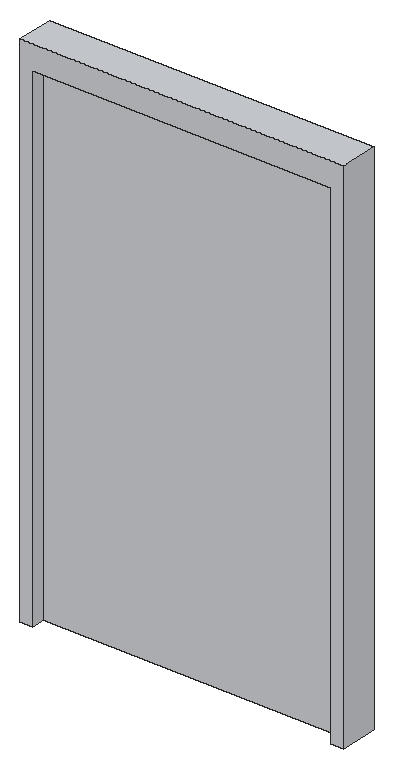
Revit family "Door 3A", category Doors, host Wall, Revit 2025
Family settings
  Host = Wall
  OmniClass Number = 23.30.10.00
  OmniClass Title = Doors
  Always vertical = Yes
  Cut with Voids When Loaded = No
  Shared = No
  Room Calculation Point = No
Parameters
  Thickness = 0' - 1 3/4"
  Function = Interior
  Frame Width Upper = 0' - 4"
  Frame Thickness = 0' - 6"
  Frame Width = 0' - 2"
  Height = 7' - 0"
  Wall Closure = By host
  Width = 4' - 4"
Reference planes (in)
  plane 1 "Center (Front/Back)": y = 0
  plane 2 "Center (Left/Right)": x = 0
  plane 3 "Left": x = -26
  plane 4 "Right": x = 26
  plane 5 "Top": z = 84
  plane 6 "Exterior": y = 7
  plane 7 "Interior": y = -7
  plane 8: y = 0
  plane 9: y = -3
  plane 10: y = 3
Forms (in)
  Extrusion 1, solid, detail levels fine
    sketch origin (0, 0, 0) x (1, 0, 0) y (0, 1, 0)
      loop
        line (-24, 0.875) -> (-24, -0.875) -> (24, -0.875) -> (24, 0.875) -> (-24, 0.875)
    from 0 to 80
  Extrusion 2, solid
    sketch origin (0, 0, 0) x (1, 0, 0) y (0, 0, 1)
      loop
        line (-26, 0) -> (-24, 0) -> (-24, 80) -> (24, 80) -> (24, 0) -> (26, 0) -> (26, 84) -> (-26, 84) -> (-26, 0)
    from -3 to 3
Lines and regions (in)
  Opening 1
    outline origin (-90, -7, 0) x (1, 0, 0) y (0, 0, 1)
      loop
        line (64, 0) -> (116, 0) -> (116, 84) -> (64, 84) -> (64, 0)
Text (in)
  text "Exterior" at (-71.22539, 20.51343, 0), in view "Ref. Level"
  text "Interior" at (-71.22539, -15.26908, 0), in view "Ref. Level"
  text "Exterior" at (0, 40.15149, 123.01588), in view "Right"
  text "Interior" at (0, -64.39139, 123.01588), in view "Right"
  text "Interior" at (0, -31.01599, 123.00693), in view "Left"
  text "Exterior" at (0, 54.57065, 123.00693), in view "Left"
Dimensions and locks (in)
  equal spacing: Extrusion 1 sketch curve, host wall, Extrusion 1 sketch curve
  "Thickness": Extrusion 1 sketch curve to Extrusion 1 sketch curve
  equal spacing: plane 3 "Left", plane 2 "Center (Left/Right)", plane 4 "Right"
  "Width": plane 3 "Left" to plane 4 "Right"
  "Frame Width": Extrusion 2 sketch curve to Extrusion 2 sketch curve  (x2)
  "Frame Width Upper": plane 5 "Top" to Extrusion 2 sketch curve
  equal spacing: plane 10, plane 8, plane 9
  "Frame Thickness": plane 9 to plane 10
  "Height": plane 5 "Top" to level
  aligned and locked: plane 3 "Left" to Opening 1 sketch curve
  aligned and locked: plane 5 "Top" to Opening 1 sketch curve  (x2)
  aligned and locked: Opening 1 sketch curve to plane 4 "Right"
  aligned and locked: Opening 1 sketch curve to level
  aligned and locked: plane 6 "Exterior" to host wall
  aligned and locked: plane 7 "Interior" to host wall
  aligned and locked: plane 3 "Left" to Extrusion 2 sketch curve
  aligned and locked: Extrusion 2 sketch curve to plane 4 "Right"
  aligned and locked: Extrusion 2 sketch curve to plane 5 "Top"
  aligned and locked: Extrusion 2 to plane 10
  aligned and locked: Extrusion 2 to plane 9
  aligned and locked: Extrusion 2 to Extrusion 1 sketch curve  (x2)
  aligned and locked: Extrusion 1 to Extrusion 2
Automatic sketch dimensions
  Extrusion 2 sketch curve to level = 0' - 0"  (x2)
